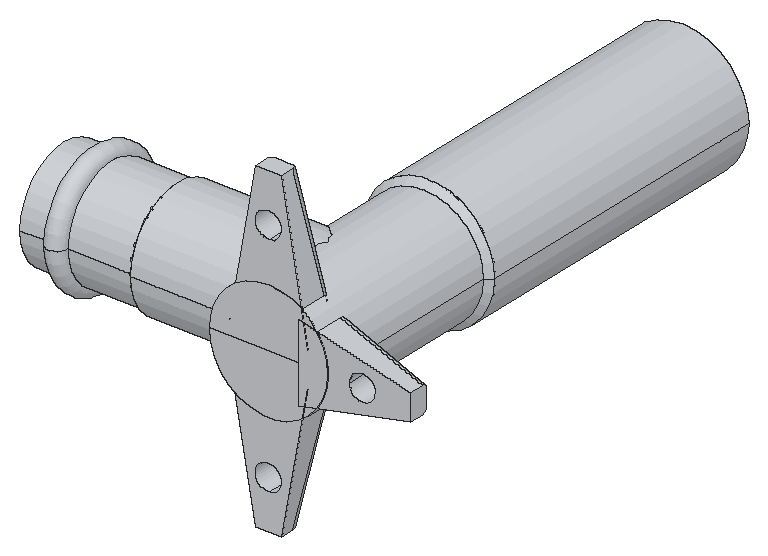
Revit family "PipeFitting_Elbow_WallPlate_PressWater-B_Conex_Male", category Pipe Fittings, Revit 2019
Family settings
  Round Connector Dimension = Use Radius
  Part Type = Elbow
  OmniClass Number = 23.60.30.11.14
  OmniClass Title = Pipework Fittings
  Work Plane-Based = No
  Always vertical = Yes
  Cut with Voids When Loaded = No
  Shared = No
Parameters (values of type "Standard_WallplateElbow")
  Z [instance] = size_lookup(Lookup Table Name, "Z", 1.6 * NominalDiameter_D1, NominalDiameter_D1)  # 25.00 mm
  Uniformat IIElements = "TBC"
  URL = "http://www.conexbanninger.com.au/"
  Type Comments = "Conex Bänninger specialises in providing the best plumbing fittings and accessories across the globe by offering innovative and versatile jointing solutions. Since 1909 Conex Bänninger has produced over 10 billion copper fittings and has built its reputation for quality manufacturing, back by first-class customer service and unrivalled expertise. Passionate about excellence, Conex Bänninger is a byword for quality in the domestic, commercial, industrial, air conditioning and refrigeration markets worldwide.\r\nConex Bänninger is an ISO 9000 quality assured company, which assures you the very best in quality.\r\nConex Bänninger >B< Press is a versatile press fitting system for use with hard, half hard or soft copper tube providing a secure, life long, leak-proof joint.\r\nApproved Tools - The following tools are approved tools for installation of >B< Press fittings:\r\n•\tRomax compact (Rothenberger)\r\n•\tRomax 3000 (Rothenberger)\r\n•\tPicco (Viega)\r\n•\tPT3-AH & 4B (Viega)"
  TickLength [instance] = Length3 + 16.00 mm  # 68.00 mm
  SerialNumber [instance] = ""
  ProductCode [instance] = if(NominalDiameter_D1 = 15.00 mm, "404649", "ProductCode NA")  # "404649"
  OmniclassProducts = "TBC"
  OffsetFromBottom [instance] = NominalRadius_D1 + 5.50 mm  # 13.00 mm
  NominalRadius_GB2 [instance] = NominalRadius_GB + 2.80 mm  # 9.175 mm
  NominalDiameter_GB [instance] = size_lookup(Lookup Table Name, "NominalDiameter_GB", 0.85 * NominalDiameter_D1, NominalDiameter_D1)  # 12.75 mm
  NATSPECWorkSection = "TBC"
  Model Version = "2013-03"
  Model Status [instance] = ""
  Model Specification = "BMA"
  Model = "Standard_WallplateElbow"
  Material = none
  Mark [instance] = ""
  Manufacturer = "Conex | Bänninger"  # constant formula
  NominalRadius_GB [instance] = NominalDiameter_GB * 0.5  # 6.375 mm
  NominalRadius_D1 [instance] = NominalDiameter_D1 * 0.5  # 7.50 mm
  Lookup Table Name = "Elbow_Wall Plate_PressWater-B_Conex_MALE"
  Length4 [instance] = size_lookup(Lookup Table Name, "Length4", 2.8 * NominalDiameter_D1, NominalDiameter_D1)  # 42.00 mm
  Length3 [instance] = size_lookup(Lookup Table Name, "Length3", 3.1 * NominalDiameter_D1, NominalDiameter_D1)  # 52.00 mm
  Length2 [instance] = size_lookup(Lookup Table Name, "Length2", 2 * NominalDiameter_D1, NominalDiameter_D1)  # 30.00 mm
  Length1 [instance] = size_lookup(Lookup Table Name, "Length1", 1.5 * NominalDiameter_D1, NominalDiameter_D1)  # 22.00 mm
  FinalHHWFlow [instance] = 0.0 L/s
  NominalDiameter_D1 [instance] = 15.00 mm
  Description = ">B< Press fittings are quick to fit, providing a low cost installation solution. The slimline design gives aesthetically pleasing finish with a secure, permanent joint that can´t be tampered with. >B< Press fittings are Watermark\r\n approved and certified to AS3688."
  Assembly Code = "D2090800"
Reference planes
  plane 1 "Center (Front/Back)": y = 0
  plane 2: z = 0
  plane 3 "Center (Left/Right)": x = 0
  plane 4 "Length1": y = -13
  plane 5: y = 17
  plane 6: y = 69
  plane 7: x = -42
  plane 8: x = 22
  plane 9: x = -25
  plane 10: z = 25
  plane 11: z = -25
Forms (mm)
  Revolve 1, solid, material <- "Material", detail levels fine
    sketch origin (-125, -75, 0) x (1, 0, 0) y (0, 1, 0)
      loop
        line (125, 62) -> (134.175, 62) -> (134.175, 92) -> (135.175, 93) -> (135.175, 141.979) -> (131.375, 144) -> (131.375, 92) -> (125, 92) -> (125, 62)
      axis (125, 144) -> (125, 62)
    angle from 0 to 360
  Revolve 2, solid, material <- "Material", detail levels fine
    sketch origin (-125, -75, 0) x (1, 0, 0) y (0, 1, 0)
      loop
        line (83, 83.5) -> (83, 82.5) -> (125, 82.5) -> (125, 84.058) -> (100.558, 84.058) -> (100, 83.5) -> (90.313, 83.5)
        arc (90.313, 83.5) -> (88.72, 85.093) -> (87.127, 83.5) r 1.593
        line (87.127, 83.5) -> (83, 83.5)
      axis (83, 75) -> (125, 75)
    angle from 0 to 360
  Blend 3, solid, material <- "Material", detail levels fine
    base sketch origin (0.664, 0, 85.5) x (0, 0, -1) y (0, 1, 0)
      loop
        line (79.5, -13) -> (91.5, -13) -> (91.5, -8)
        arc (91.5, -8) -> (91.207, -7.293) -> (90.5, -7) r 1
        line (90.5, -7) -> (80.5, -7)
        arc (80.5, -7) -> (79.793, -7.293) -> (79.5, -8) r 1
        line (79.5, -8) -> (79.5, -13)
    top sketch origin (0.664, 0, 85.5) x (0, 0, -1) y (0, 1, 0)
      loop
        line (83.5, -13) -> (87.5, -13) -> (87.5, -10.786)
        arc (87.5, -10.786) -> (87.28, -10.256) -> (86.75, -10.036) r 0.75
        line (86.75, -10.036) -> (84.25, -10.036)
        arc (84.25, -10.036) -> (83.72, -10.256) -> (83.5, -10.786) r 0.75
        line (83.5, -10.786) -> (83.5, -13)
    from 3.922 to 21.336
  Extrusion 4, void
    sketch origin (-124.074, -90, 0) x (1, 0, 0) y (0, 0, 1)
      loop
        circle (138.574, 0) r 2.031
    from -92.026 to -77
  Blend 5, solid, material <- "Material", detail levels fine
    base sketch origin (-85.5, 2, 0.664) x (1, 0, 0) y (0, 1, 0)
      loop
        line (79.5, -15) -> (91.5, -15) -> (91.5, -10)
        arc (91.5, -10) -> (91.207, -9.293) -> (90.5, -9) r 1
        line (90.5, -9) -> (80.5, -9)
        arc (80.5, -9) -> (79.793, -9.293) -> (79.5, -10) r 1
        line (79.5, -10) -> (79.5, -15)
    top sketch origin (-85.5, 2, 0.664) x (1, 0, 0) y (0, 1, 0)
      loop
        line (83.5, -15) -> (87.5, -15) -> (87.5, -12.786)
        arc (87.5, -12.786) -> (87.28, -12.256) -> (86.75, -12.036) r 0.75
        line (86.75, -12.036) -> (84.25, -12.036)
        arc (84.25, -12.036) -> (83.72, -12.256) -> (83.5, -12.786) r 0.75
        line (83.5, -12.786) -> (83.5, -15)
    from 1.695 to 24.336
  Blend 6, solid, material <- "Material", detail levels fine
    base sketch origin (-85.5, 2, -0.664) x (0, -1, 0) y (1, 0, 0)
      loop
        line (15, 79.5) -> (15, 91.5) -> (10, 91.5)
        arc (10, 91.5) -> (9.293, 91.207) -> (9, 90.5) r 1
        line (9, 90.5) -> (9, 80.5)
        arc (9, 80.5) -> (9.293, 79.793) -> (10, 79.5) r 1
        line (10, 79.5) -> (15, 79.5)
    top sketch origin (-85.5, 2, -0.664) x (0, -1, 0) y (1, 0, 0)
      loop
        line (15, 83.5) -> (15, 87.5) -> (12.786, 87.5)
        arc (12.786, 87.5) -> (12.256, 87.28) -> (12.036, 86.75) r 0.75
        line (12.036, 86.75) -> (12.036, 84.25)
        arc (12.036, 84.25) -> (12.256, 83.72) -> (12.786, 83.5) r 0.75
        line (12.786, 83.5) -> (15, 83.5)
    from -2.418 to -24.336
  Extrusion 7, void
    sketch origin (0, -90, 124.074) x (0, 0, -1) y (1, 0, 0)
      loop
        circle (141.574, 0) r 2.031
    from -92.026 to -77
  Extrusion 8, void
    sketch origin (0, -90, -124.074) x (0, 0, 1) y (-1, 0, 0)
      loop
        circle (141.574, 0) r 2.031
    from -92.026 to -77
Cuts and joins
  Extrusion 8 cuts Blend 5
  Extrusion 4, Extrusion 7 cuts Blend 3
  Extrusion 7, Extrusion 8 cuts Blend 6
Lines and regions (mm)
  reference lines
    curve 1: line (-25, 0, 0) -> (0, 0, 0)
    curve 2: line (0, 0, 0) -> (0, 17, 0)
Dimensions and locks
  locked: Revolve 1 sketch curve to Revolve 1 sketch curve at 1
  "Length2": plane 5 to plane 4 "Length1"
  "Length3": plane 6 to plane 5
  Revolve 2 sketch curve to Revolve 2 sketch curve = 1.00 mm
  "Length4": plane 7 to plane 3 "Center (Left/Right)"
  "Length1": plane 3 "Center (Left/Right)" to plane 8
  "Z": plane 9 to plane 3 "Center (Left/Right)"
  "NominalRadius_D1": plane 1 "Center (Front/Back)" to Revolve 2 sketch curve
  "OffsetFromBottom": plane 1 "Center (Front/Back)" to plane 4 "Length1"
  "NominalRadius_GB2": Revolve 1 sketch curve to Revolve 1 sketch curve
  "Z": plane 10 to plane 2
  "Z": plane 2 to plane 11
  locked: Extrusion 8 sketch curve to plane 3 "Center (Left/Right)" at 0
  "NominalRadius_D1": plane 10 to Extrusion 8 sketch curve
  locked: Extrusion 7 sketch curve to plane 3 "Center (Left/Right)" at 0
  "NominalRadius_D1": Extrusion 7 sketch curve to plane 11
  locked: Extrusion 4 sketch curve to level
  "NominalRadius_D1": plane 8 to Extrusion 4 sketch curve
  locked: Revolve 2 sketch curve to Revolve 2 sketch curve at 5.72
  Revolve 2 sketch curve to plane 9 = 11.28 mm
  "NominalRadius_GB": plane 3 "Center (Left/Right)" to Revolve 1 sketch curve
  locked: Revolve 2 sketch curve to Revolve 2 sketch curve at 1.558
  radius of Revolve 2 sketch curve = 1.593 mm
  aligned and locked: level to plane 2
  aligned and locked: Revolve 2 sketch curve to Revolve 2 sketch curve
  aligned and locked: plane 1 "Center (Front/Back)" to Revolve 2 sketch curve
  aligned and locked: plane 9 to Revolve 2 sketch curve
  aligned and locked: plane 3 "Center (Left/Right)" to Revolve 2 sketch curve
  aligned and locked: Revolve 1 sketch curve to plane 4 "Length1"
  aligned and locked: Revolve 1 sketch curve to plane 3 "Center (Left/Right)"  (x2)
  aligned and locked: plane 5 to Revolve 1 sketch curve  (x2)
  aligned and locked: Revolve 2 to plane 7
  aligned and locked: Extrusion 8 to plane 4 "Length1"
  aligned and locked: Extrusion 4 to plane 4 "Length1"
  aligned and locked: Extrusion 7 to plane 4 "Length1"
  aligned and locked: plane 7 to nested 1
  aligned and locked: nested 1 to plane 1 "Center (Front/Back)"
  aligned and locked: plane 8 to cut or joined group of Blend 3, Extrusion 4, Extrusion 7
  aligned and locked: plane 10 to cut or joined group of Blend 5, Extrusion 8
  aligned and locked: cut or joined group of Blend 6, Extrusion 7, Extrusion 8 to plane 11
  aligned and locked: plane 9 to curve 1
  aligned and locked: plane 3 "Center (Left/Right)" to curve 2
  aligned and locked: plane 5 to curve 2
  aligned and locked: plane 1 "Center (Front/Back)" to curve 1
Automatic sketch dimensions
  Blend 3 sketch curve to plane 4 "Length1" = 0.00 mm  (x2)
  level to Blend 3 sketch curve = 6.00 mm
  plane 4 "Length1" to Blend 3 sketch curve = 5.00 mm
  Blend 3 sketch curve to Blend 3 sketch curve = 1.00 mm  (x2)
  Blend 3 sketch curve to level = 5.00 mm
  level to Blend 3 sketch curve = 2.00 mm
  plane 4 "Length1" to Blend 3 sketch curve = 2.214 mm
  Blend 3 sketch curve to Blend 3 sketch curve = 0.75 mm  (x2)
  Blend 3 sketch curve to level = 1.25 mm
  Blend 5 sketch curve to plane 4 "Length1" = 0.00 mm  (x2)
  Blend 5 sketch curve to plane 3 "Center (Left/Right)" = 6.00 mm
  plane 4 "Length1" to Blend 5 sketch curve = 5.00 mm
  Blend 5 sketch curve to Blend 5 sketch curve = 1.00 mm  (x2)
  plane 3 "Center (Left/Right)" to Blend 5 sketch curve = 5.00 mm
  Blend 5 sketch curve to plane 3 "Center (Left/Right)" = 2.00 mm
  plane 4 "Length1" to Blend 5 sketch curve = 2.214 mm
  Blend 5 sketch curve to Blend 5 sketch curve = 0.75 mm  (x2)
  plane 3 "Center (Left/Right)" to Blend 5 sketch curve = 1.25 mm
  Blend 6 sketch curve to plane 4 "Length1" = 0.00 mm  (x2)
  Blend 6 sketch curve to plane 3 "Center (Left/Right)" = 6.00 mm
  plane 4 "Length1" to Blend 6 sketch curve = 5.00 mm
  Blend 6 sketch curve to Blend 6 sketch curve = 5.00 mm
  Blend 6 sketch curve to Blend 6 sketch curve = 1.00 mm
  plane 3 "Center (Left/Right)" to Blend 6 sketch curve = 5.00 mm
  Blend 6 sketch curve to plane 3 "Center (Left/Right)" = 2.00 mm
  plane 4 "Length1" to Blend 6 sketch curve = 2.214 mm
  Blend 6 sketch curve to Blend 6 sketch curve = 2.214 mm
  Blend 6 sketch curve to Blend 6 sketch curve = 0.75 mm
  plane 3 "Center (Left/Right)" to Blend 6 sketch curve = 1.25 mm
  Revolve 1 sketch curve to plane 6 = 0.00 mm
  plane 5 to Revolve 1 sketch curve = 1.00 mm
  Revolve 1 sketch curve to plane 6 = 2.021 mm
  Revolve 1 sketch curve to Revolve 1 sketch curve = 15.783 mm
  plane 6 to Revolve 1 sketch curve = 17.875 mm
  plane 9 to Revolve 2 sketch curve = 0.558 mm
  Revolve 2 sketch curve to plane 7 = 7.506 mm
  Revolve 2 sketch curve to plane 3 "Center (Left/Right)" = 11.084 mm
  radius of Extrusion 4 sketch curve = 2.031 mm
  radius of Extrusion 7 sketch curve = 2.031 mm
  radius of Extrusion 8 sketch curve = 2.031 mm
Nested families
  nested 1: "Elbow S" at (-42, 68, 0), type "Elbow S", detail levels coarse+medium
Connectors
  piping at (-25, 0, 0), diameter 15, driven by "NominalRadius_D1"
    settings: on curve 1, index 3, connector inside diameter 609.6 mm, connector length 0.00 mm, flow factor 0, pipe flow 0.0 L/s, pressure drop 0.0 Pa, fitting loss kfactor 0, connector angle 0.00°, fixture units 0, engagement length 0.00 mm, angle of deflection 0.00°, flow configuration 0, flow direction 0, fitting loss method 0, system type 7, joint type 0, gender type 0, connector reference index -1, connector utility 0, adjustable connector no, is connector primary yes, connector description ""
  piping at (0, 17, 0), diameter 12.75, driven by "NominalRadius_GB"
    settings: on curve 2, index 4, connector inside diameter 609.6 mm, connector length 0.00 mm, flow factor 0, pipe flow 0.0 L/s, pressure drop 0.0 Pa, fitting loss kfactor 0, connector angle 0.00°, fixture units 0, engagement length 0.00 mm, angle of deflection 0.00°, flow configuration 0, flow direction 0, fitting loss method 0, system type 7, joint type 0, gender type 0, connector reference index -1, connector utility 0, adjustable connector no, is connector primary no, connector description ""
Definition of nested family "Elbow S"
  Parameters
    D = 15.00 mm
    CenterRadius1 = 42.00 mm
    CenterRadius = 68.00 mm
  Reference planes
    plane 1 "Center (Front/Back)": y = 0
    plane 2: z = 0
    plane 3 "Center (Left/Right)": x = 0
    plane 4: y = -68
    plane 5: x = 42
  Lines and regions (mm)
    model lines
      curve 1: line (0, -60.5, 0) -> (0, -75.5, 0)
      curve 2: line (34.5, 0, 0) -> (49.5, 0, 0)
      curve 3: arc (0, -68, 0) -> (31.814, -40.679, 0) -> (42, 0, 0) r 69.178
  Dimensions and locks
    "CenterRadius1": plane 3 "Center (Left/Right)" to plane 5
    "CenterRadius": plane 1 "Center (Front/Back)" to plane 4
    equal spacing: curve 1, plane 4, curve 1
    "D": curve 1 to curve 1
    "D": curve 2 to curve 2
    equal spacing: curve 2, plane 5, curve 2
    aligned and locked: level to plane 2
    aligned and locked: plane 1 "Center (Front/Back)" to curve 2
    aligned and locked: curve 1 to plane 3 "Center (Left/Right)"
    aligned and locked: plane 5 to curve 3
    aligned and locked: plane 4 to curve 3
  Automatic sketch dimensions
    plane 1 "Center (Front/Back)" to curve 3 = 4.327 mm
